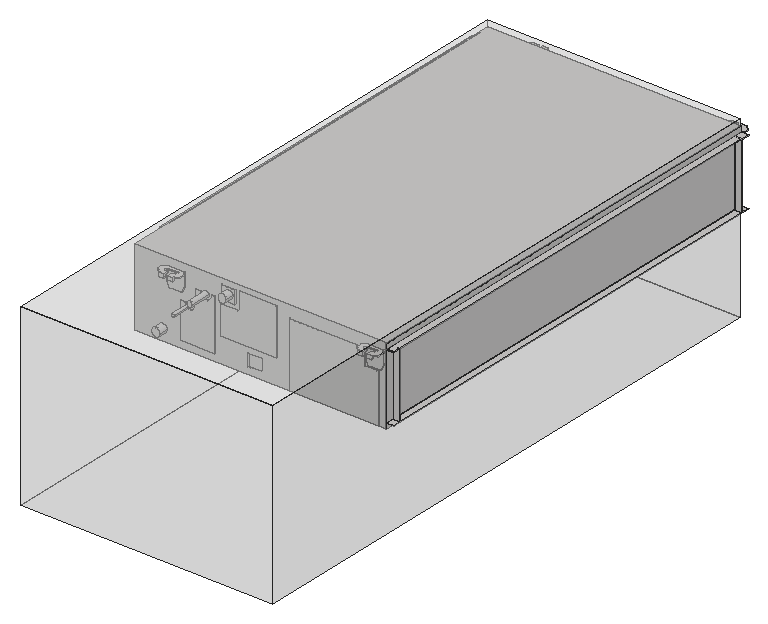
Revit family "outputfile", category 機械設備, Revit 2024
Family settings
  丸型コネクタ寸法 = 半径を使用
  パーツ タイプ = 標準
  OmniClass 番号 = 23.75.10.24.21.27.27
  OmniClass タイトル = Split System Air Conditioning Units
  作業面ベース = いいえ
  常に垂直 = はい
  ロード時にボイドで切り取り = いいえ
  注釈の向きを維持 = いいえ
  共有 = いいえ
  部屋計算ポイント = はい
Parameters (values of type "FXSA125AVM")
  製造元 = "Daikin"
  書き出し IFC クラス(タイプ) = "IfcUnitaryEquipmentType"
  定義済み IFC タイプ(タイプ) = "AIRCONDITIONINGUNIT"
  モデル = "FXSA125AVM"
  switch_frequency = yes
  r_Liquid Pipe Size = Liquid Pipe Size / 2  # 4.75 mm
  r_Gas Pipe Size = Gas Pipe Size / 2  # 7.95 mm
  r_Drain Pipe Size = Drain Pipe Size / 2  # 12.5 mm
  lw_power = 770.0 mm
  lh_SA = 138.0 mm
  lw_SA = if(Width = 550.0 mm, 225.0 mm, if(Width = 700.0 mm, 300.0 mm, if(Width = 1000.0 mm, 450.0 mm, if(Width = 1400.0 mm, 650.0 mm, 725.0 mm))))  # 650.0 mm
  lw_RA = if(Width = 550.0 mm, 275.0 mm, if(Width = 700.0 mm, 349.0 mm, if(Width = 1000.0 mm, 499.0 mm, if(Width = 1400.0 mm, 699.0 mm, 775.0 mm))))  # 699.0 mm
  lh_power = 60.0 mm + [h***]  # 60.0 mm
  lh_mountinghole1 = lh_mountinghole + [h***]  # 222.0 mm
  lh_RA = 123.0 mm
  ld_power = Width / 2  # 700.0 mm
  connector_voltage = Voltage_50Hz  # 220 V
  connector_powerinput = [Power Input (Cooling)]  # 0.206 kW
  connector_phase = Phase_50Hz  # 1
  Voltage_comment_60Hz = "220-230"
  Voltage_comment_50Hz = "220-240"
  Voltage_60Hz = 220 V
  Voltage_50Hz = 220 V
  Total Heating Capacity [instance] = 0.000 kW
  Supply Air Direction [instance] = yes
  Sound Power Level_H speed (dB) = 70
  Power Input (Heating) = 0.201 kW
  Phase_60Hz = 1
  Phase_50Hz = 1
  Nominal Heating Capacity = 16.000 kW
  Minimum External Static Pressure = 50.00 Pa
  Minimum Circuit Amps_60Hz = 2.8 A
  Minimum Circuit Amps_50Hz = 2.8 A
  Maximum Fuse Amps_60Hz = 16.0 A
  Maximum Fuse Amps_50Hz = 16.0 A
  Maximum External Static Pressure = 150.00 Pa
  Material_Casing = DAIKIN_GalvanizedSteel_Casing_indoorunit
  lw_mountinghole = 630.0 mm
  lh_gaspipe = 183.0 mm + [h***]  # 183.0 mm
  lh_mountinghole = 222.0 mm
  lh_liquidpipe = 136.0 mm + [h***]  # 136.0 mm
  lh_drainpipe = 207.0 mm + [h***]  # 207.0 mm
  lh_antena = Height - lh_mountinghole + 1.0 mm  # 24.0 mm
  ld_drainpipe = Width / 2 + 26.0 mm  # 726.0 mm
  ld_liquidpipe = 769.0 mm
  ld_gaspipe = Width / 2 + 65.0 mm  # 765.0 mm
  ld_mountinghole = Width + 38.0 mm  # 1438.0 mm
  h*** = 0.0 mm
  lw_liquidpipe = 179.0 mm
  lw_gaspipe = 229.0 mm
  lw_drainpipe = 300.0 mm
  Width = 1400.0 mm
  Version = "ver.1.0"
  Unit Type = "Duct_M.S.P."
  Unit Mass Weight = 47.00 kg
  Unit Designation [instance] = ""
  Uniclass2015Version = "Products v1.30"
  Uniclass2015Title = "Variable refrigerant flow units"
  Uniclass2015Code = "Pr_70_65_03_94"
  Total Cooling Capacity [instance] = 0.000 kW
  Sound Pressure Level_M speed (dBA) = 38.5
  Sound Pressure Level_L speed (dBA) = 35
  Sound Pressure Level_H speed (dBA) = 42
  Series = "VRV Fan Coil Unit"
  Sensible Cooling Capacity [instance] = 0.000 kW
  SA Duct Size Width = 1192.0 mm
  SA Duct Size Height = 176.0 mm
  Refrigerant Type = "R32"
  RA Duct Size Width = 1352.0 mm
  RA Duct Size Height = 208.0 mm
  Power Input (Cooling) = 0.206 kW
  Option Accessory 3 [instance] = ""
  Option Accessory 2 [instance] = ""
  Option Accessory 1 [instance] = ""
  Nominal Cooling Capacity = 14.000 kW
  Minimum Airflow = 1560.00 m³/h
  Median Airflow = 1890.00 m³/h
  Maximum Airflow = 2220.00 m³/h
  Load Classification = HVAC
  Liquid Pipe Size = 9.5 mm
  Link_Nested Family [instance] = ""
  IfcVersion = ""
  IfcExportType = "AIRCONDITIONINGUNIT"
  IfcExportAs = "IfcUnitaryEquipmentType"
  Height = 245.0 mm
  Heating Entering Wet Bulb Temperature [instance] = -273.15 °C
  Heating Entering Dry Bulb Temperature [instance] = -273.15 °C
  Heating Ambient Wet Bulb Temperature [instance] = -273.15 °C
  Heating Ambient Dry Bulb Temperature [instance] = -273.15 °C
  Heat Exchanger Type = "Cross Fin Coil"
  Gas Pipe Size = 15.9 mm
  Frequency_60Hz = 60 Hz
  Frequency_50Hz = 50 Hz
  Fan Type = "Sirocco Fan"
  Fan Drive = "Direct Drive"
  FCU Tag No. [instance] = ""
  Drain Pipe Size = 25.0 mm
  Design Supply Airflow [instance] = 0.00 m³/h
  Design Return Airflow [instance] = 0.00 m³/h
  Design External Static Pressure [instance] = 0.00 Pa
  Depth = 800.0 mm
  既定の高さ = 0.0 mm
  Cooling Entering Wet Bulb Temperature [instance] = 0.00 °C
  Cooling Entering Dry Bulb Temperature [instance] = 0.00 °C
  Cooling Ambient Wet Bulb Temperature [instance] = 0.00 °C
  Cooling Ambient Dry Bulb Temperature [instance] = 0.00 °C
  Clearance visibility [instance] = yes
  Clearance Top = 20.0 mm
  Clearance Right = 0.0 mm
  Clearance Rear = 0.0 mm
  Clearance Left = 0.0 mm
  Clearance Front = 450.0 mm
  Clearance Bottom = 300.0 mm
Reference planes
  plane 1 "Center (Front/Back)": y = 0
  plane 2 "h": z = 0
  plane 3 "Center (Left/Right)": x = 0
  plane 4 "Back": y = 700
  plane 5 "Front": y = -700
  plane 6 "Left": x = -400
  plane 7 "Right": x = 400
  plane 8 "Top": z = 0
  plane 9 "Bottom": z = -245
  plane 10: y = -215
  plane 11: y = 700
  plane 12: y = -1150
  plane 13: x = -400
  plane 14: x = 400
  plane 15: z = 20
  plane 16: z = -545
  plane 17: x = -400
  plane 18: x = -399
  plane 19: x = 399
  plane 20: y = 50
  plane 21: y = -1
  plane 22: z = -122
  plane 23: y = -701
  plane 24: z = -109
  plane 25: x = -221
  plane 26: y = -765
  plane 27: z = -62
  plane 28: x = -171
  plane 29: y = -726
  plane 30: z = -38
  plane 31: x = -100
  plane 32: x = -100
  plane 33: x = -221
  plane 34: x = -171
  plane 35: x = 370
  plane 36: x = -266
  plane 37: x = 364
  plane 38: y = -719
  plane 39: y = 719
  plane 40: z = -23
  plane 41: z = -107
  plane 42: y = -769
  plane 43: z = -207
  plane 44: x = -309
  plane 45: y = -376
  plane 46: x = -251
  plane 47: x = -203
  plane 48: x = -144
  plane 49: z = -59
  plane 50: z = -106
  plane 51: z = -221
  plane 52: z = -109
  plane 53: x = -221
  plane 54: z = -62
  plane 55: x = -171
  plane 56: z = -17
  plane 57: z = -59
  plane 58: x = -121
  plane 59: x = -79
  plane 60: x = -125
  plane 61: x = -64
  plane 62: x = 53
  plane 63: z = -164
  plane 64: z = -73
  plane 65: z = -16
  plane 66: x = 93.5
  plane 67: x = 374.5
  plane 68: x = 330
  plane 69: z = -88.5
  plane 70: z = -38
  plane 71: z = -242.5
  plane 72: x = -38.5
  plane 73: x = 6.5
  plane 74: z = -181
  plane 75: z = -221
  plane 76: y = -699
  plane 77: x = -424
  plane 78: x = 424
Forms (mm)
  Extrusion 1, solid, material "DAIKIN_GalvanizedSteel_Casing_indoorunit" <- "Material_Casing"
    sketch origin (0, 0, 0) x (1, 0, 0) y (0, 1, 0)
      loop
        line (-399, 700) -> (-399, -700) -> (399, -700) -> (399, 700) -> (-399, 700)
    from -245 to 0
  Extrusion 2, solid, material "DAIKIN_GalvanizedSteel_Casing_indoorunit" <- "Material_Casing"
    sketch origin (0, 0, 0) x (1, 0, 0) y (0, 0, 1)
      loop
        line (-251, -221) -> (-144, -221) -> (-144, -59) -> (-154.47, -59)
        arc (-154.47, -59) -> (-171, -78.8) -> (-187.53, -59) r 16.8
        line (-187.53, -59) -> (-203, -59) -> (-203, -106) -> (-206.916, -106)
        arc (-206.916, -106) -> (-221, -123.4) -> (-235.084, -106) r 14.4
        line (-235.084, -106) -> (-251, -106) -> (-251, -221)
    from 700 to 701
  Extrusion 3, solid, material "DAIKIN_GalvanizedSteel_Casing_indoorunit" <- "Material_Casing"
    sketch origin (0, 0, 0) x (1, 0, 0) y (0, 0, 1)
      loop
        line (-121, -17) -> (-121, -59) -> (-79, -59) -> (-79, -17) -> (-121, -17)
      loop
        line (-125, -73) -> (-125, -164) -> (53, -164) -> (53, -16) -> (-64, -16) -> (-64, -73) -> (-125, -73)
    from 700 to 701
  Extrusion 4, solid, material "DAIKIN_GalvanizedSteel_Casing_indoorunit" <- "Material_Casing"
    sketch origin (0, 0, 0) x (1, 0, 0) y (0, 0, 1)
      loop
        line (93.5, -38) -> (93.5, -242.5) -> (374.5, -242.5) -> (374.5, -88.5) -> (330, -88.5) -> (330, -38) -> (93.5, -38)
    from 700 to 701
  Extrusion 5, solid, material "DAIKIN_GalvanizedSteel_Casing_indoorunit" <- "Material_Casing"
    sketch origin (0, 0, 0) x (1, 0, 0) y (0, 0, 1)
      loop
        circle (-221, -109) r 4.75
    from 700 to 769
  Extrusion 6, solid, material "DAIKIN_GalvanizedSteel_Casing_indoorunit" <- "Material_Casing"
    sketch origin (0, 0, 0) x (1, 0, 0) y (0, 0, 1)
      loop
        circle (-171, -62) r 7.95
    from 700 to 765
  Extrusion 7, solid, material "DAIKIN_GalvanizedSteel_Casing_indoorunit" <- "Material_Casing"
    sketch origin (0, 0, 0) x (1, 0, 0) y (0, 0, 1)
      loop
        circle (-100, -38) r 12.5
    from 701 to 726
  Extrusion 8, solid, material "DAIKIN_GalvanizedSteel_Casing_indoorunit" <- "Material_Casing"
    sketch origin (0, 0, 0) x (1, 0, 0) y (0, 0, 1)
      loop
        circle (-309, -207) r 13
    from 700 to 726
  Extrusion 9, void
    sketch origin (0, 0, 0) x (1, 0, 0) y (0, 0, 1)
      loop
        line (-38.5, -181) -> (-38.5, -221) -> (6.5, -221) -> (6.5, -181) -> (-38.5, -181)
    from 699 to 700
Cuts and joins
  Extrusion 9 cuts Extrusion 1
Dimensions and locks
  "Height": plane 8 "Top" to plane 9 "Bottom"
  equal spacing: plane 4 "Back", plane 1 "Center (Front/Back)", plane 5 "Front"
  "Width": plane 4 "Back" to plane 5 "Front"
  equal spacing: plane 6 "Left", plane 3 "Center (Left/Right)", plane 7 "Right"
  "Depth": plane 6 "Left" to plane 7 "Right"
  "Clearance Left": plane 13 to plane 6 "Left"
  "Clearance Right": plane 7 "Right" to plane 14
  "Clearance Rear": plane 11 to plane 4 "Back"
  "Clearance Front": plane 5 "Front" to plane 12
  "Clearance Top": plane 15 to plane 8 "Top"
  "Clearance Bottom": plane 9 "Bottom" to plane 16
  locked: plane 17 to plane 18 at 1
  locked: plane 19 to plane 14 at 1
  "lw_SA": plane 11 to plane 20
  "lw_RA": plane 21 to plane 5 "Front"
  "lh_RA": plane 22 to plane 9 "Bottom"
  locked: plane 5 "Front" to plane 23 at 1
  "lw_liquidpipe": plane 25 to plane 6 "Left"
  "lh_liquidpipe": plane 24 to plane 9 "Bottom"
  "lh_gaspipe": plane 27 to plane 9 "Bottom"
  "lw_gaspipe": plane 28 to plane 6 "Left"
  "ld_gaspipe": plane 26 to plane 1 "Center (Front/Back)"
  "ld_drainpipe": plane 29 to plane 1 "Center (Front/Back)"
  "lh_drainpipe": plane 30 to plane 9 "Bottom"
  "lw_drainpipe": plane 31 to plane 6 "Left"
  "lw_drainpipe": plane 6 "Left" to plane 32
  "lw_liquidpipe": plane 6 "Left" to plane 33
  "lw_gaspipe": plane 6 "Left" to plane 34
  "lw_power": plane 6 "Left" to plane 35
  locked: plane 17 to plane 36 at 134
  "lw_mountinghole": plane 36 to plane 37
  equal spacing: plane 38, plane 1 "Center (Front/Back)", plane 39
  "ld_mountinghole": plane 39 to plane 38
  "lh_mountinghole": plane 40 to plane 9 "Bottom"
  "lh_SA": plane 41 to plane 9 "Bottom"
  locked: plane 44 to plane 6 "Left" at 91
  locked: plane 43 to plane 9 "Bottom" at 38
  plane 48 to plane 47 to plane 46 to plane 6 "Left" = 59.0 mm, 48.0 mm, 149.0 mm
  plane 8 "Top" to plane 49 to plane 50 to plane 51 = 59.0 mm locked, 47.0 mm locked, 115.0 mm locked
  plane 55 to plane 53 to plane 6 "Left" = 50.0 mm locked, 179.0 mm locked
  plane 54 to plane 52 to plane 9 "Bottom" = 47.0 mm locked, 136.0 mm locked
  plane 59 to plane 58 to plane 6 "Left" = 42.0 mm locked, 279.0 mm locked
  plane 8 "Top" to plane 56 to plane 57 = 17.0 mm locked, 42.0 mm locked
  plane 62 to plane 61 to plane 60 to plane 6 "Left" = 117.0 mm, 61.0 mm, 275.0 mm
  plane 8 "Top" to plane 65 to plane 64 = 16.0 mm locked, 57.0 mm locked
  locked: plane 65 to plane 63 at 148
  plane 8 "Top" to plane 70 to plane 69 to plane 71 = 38.0 mm locked, 50.5 mm locked, 154.0 mm locked
  plane 67 to plane 68 to plane 66 to plane 6 "Left" = 44.5 mm locked, 236.5 mm locked, 493.5 mm locked
  plane 8 "Top" to plane 74 to plane 75 = 181.0 mm locked, 40.0 mm locked
  plane 73 to plane 72 to plane 6 "Left" = 45.0 mm, 361.5 mm
  locked: plane 76 to plane 5 "Front" at 1
  locked: plane 77 to plane 17 at 24
  locked: plane 14 to plane 78 at 24
  "ld_liquidpipe": plane 42 to plane 1 "Center (Front/Back)"
  "r_Liquid Pipe Size": radius of Extrusion 5 sketch curve
  "r_Gas Pipe Size": radius of Extrusion 6 sketch curve
  "r_Drain Pipe Size": radius of Extrusion 7 sketch curve
  aligned and locked: level to plane 2 "h"
  aligned and locked: plane 8 "Top" to Extrusion 1
  aligned and locked: Extrusion 1 to plane 9 "Bottom"
  aligned and locked: nested 5 to plane 12
  aligned and locked: plane 13 to nested 5
  aligned and locked: plane 14 to nested 5
  aligned and locked: nested 5 to plane 13
  aligned and locked: plane 11 to nested 5
  aligned and locked: plane 15 to nested 5
  aligned and locked: plane 16 to nested 5
  aligned and locked: plane 5 "Front" to Extrusion 1 sketch curve
  aligned and locked: Extrusion 1 to plane 18
  aligned and locked: plane 19 to Extrusion 1
  aligned and locked: nested 7 to plane 18
  aligned and locked: nested 7 to plane 20
  aligned and locked: plane 19 to nested 8
  aligned and locked: plane 21 to nested 8
  aligned and locked: plane 22 to nested 8
  aligned and locked: Extrusion 2 to plane 23
  aligned and locked: plane 5 "Front" to Extrusion 2
  aligned and locked: Extrusion 3 to plane 23
  aligned and locked: plane 5 "Front" to Extrusion 3
  aligned and locked: plane 5 "Front" to Extrusion 4
  aligned and locked: Extrusion 5 sketch curve to plane 25
  aligned and locked: plane 24 to Extrusion 5 sketch curve
  aligned and locked: plane 5 "Front" to Extrusion 5
  aligned and locked: Extrusion 6 sketch curve to plane 28
  aligned and locked: plane 27 to Extrusion 6 sketch curve
  aligned and locked: plane 5 "Front" to Extrusion 6
  aligned and locked: Extrusion 7 sketch curve to plane 31
  aligned and locked: Extrusion 7 sketch curve to plane 30
  aligned and locked: Extrusion 7 to plane 29
  aligned and locked: plane 23 to Extrusion 7
  aligned and locked: nested 3 to plane 29
  aligned and locked: nested 3 to plane 32
  aligned and locked: nested 2 to plane 33
  aligned and locked: nested 1 to plane 34
  aligned and locked: Extrusion 6 to plane 26
  aligned and locked: nested 1 to plane 26
  aligned and locked: nested 6 to plane 5 "Front"
  aligned and locked: nested 6 to plane 35
  aligned and locked: plane 36 to nested 10
  aligned and locked: nested 10 to plane 5 "Front"
  aligned and locked: plane 37 to nested 9
  aligned and locked: nested 9 to plane 5 "Front"
  aligned and locked: nested 11 to plane 36
  aligned and locked: plane 4 "Back" to nested 11
  aligned and locked: nested 12 to plane 37
  aligned and locked: plane 4 "Back" to nested 12
  aligned and locked: plane 40 to nested 10
  aligned and locked: plane 40 to nested 11
  aligned and locked: plane 40 to nested 9
  aligned and locked: plane 40 to nested 12
  aligned and locked: plane 36 to nested 14
  aligned and locked: nested 14 to plane 39
  aligned and locked: plane 37 to nested 13
  aligned and locked: nested 13 to plane 39
  aligned and locked: plane 37 to nested 16
  aligned and locked: plane 38 to nested 16
  aligned and locked: plane 38 to nested 15
  aligned and locked: plane 36 to nested 15
  aligned and locked: plane 17 to plane 6 "Left"
  aligned and locked: plane 41 to nested 7
  aligned and locked: Extrusion 5 to plane 42
  aligned and locked: nested 2 to plane 42
  aligned and locked: Extrusion 8 sketch curve to plane 44
  aligned and locked: plane 43 to Extrusion 8 sketch curve
  aligned and locked: plane 5 "Front" to Extrusion 8
  aligned and locked: Extrusion 3 sketch curve to plane 56
  aligned and locked: Extrusion 3 sketch curve to plane 58
  aligned and locked: plane 57 to Extrusion 3 sketch curve
  aligned and locked: plane 59 to Extrusion 3 sketch curve
  aligned and locked: Extrusion 4 to plane 23
  aligned and locked: Extrusion 9 sketch curve to plane 74
  aligned and locked: plane 75 to Extrusion 9 sketch curve
  aligned and locked: plane 73 to Extrusion 9 sketch curve
  aligned and locked: plane 5 "Front" to Extrusion 9
  aligned and locked: plane 76 to Extrusion 9
  aligned and locked: nested 17 to plane 20
  aligned and locked: nested 17 to plane 77
  aligned and locked: plane 21 to nested 18
  aligned and locked: plane 78 to nested 18
  aligned and locked: plane 41 to nested 17
  aligned and locked: nested 18 to plane 22
  aligned and locked: nested 4 to plane 3 "Center (Left/Right)"
  aligned and locked: plane 1 "Center (Front/Back)" to nested 4
  aligned and locked: level to plane 8 "Top"
  aligned and locked: Extrusion 8 to plane 29
Automatic sketch dimensions
  plane 6 "Left" to Extrusion 1 sketch curve = 1.0 mm
  Extrusion 1 sketch curve to plane 7 "Right" = 1.0 mm
  Extrusion 1 sketch curve to plane 4 "Back" = 0.0 mm
  Extrusion 2 sketch curve to plane 46 = 0.0 mm
  Extrusion 2 sketch curve to plane 33 = 0.0 mm
  Extrusion 2 sketch curve to plane 47 = 0.0 mm
  Extrusion 2 sketch curve to plane 34 = 0.0 mm
  Extrusion 2 sketch curve to plane 48 = 0.0 mm
  Extrusion 2 sketch curve to plane 51 = 0.0 mm
  Extrusion 2 sketch curve to plane 52 = 0.0 mm
  Extrusion 2 sketch curve to plane 50 = 0.0 mm  (x3)
  Extrusion 2 sketch curve to plane 54 = 0.0 mm
  Extrusion 2 sketch curve to plane 49 = 0.0 mm  (x3)
  plane 33 to Extrusion 2 sketch curve = 14.084 mm
  plane 34 to Extrusion 2 sketch curve = 16.53 mm
  Extrusion 3 sketch curve to plane 60 = 0.0 mm
  Extrusion 3 sketch curve to plane 61 = 0.0 mm
  Extrusion 3 sketch curve to plane 62 = 0.0 mm
  Extrusion 3 sketch curve to plane 63 = 0.0 mm
  Extrusion 3 sketch curve to plane 64 = 0.0 mm
  Extrusion 3 sketch curve to plane 65 = 0.0 mm
  Extrusion 4 sketch curve to plane 66 = 0.0 mm
  Extrusion 4 sketch curve to plane 68 = 0.0 mm
  Extrusion 4 sketch curve to plane 67 = 0.0 mm
  Extrusion 4 sketch curve to plane 71 = 0.0 mm
  Extrusion 4 sketch curve to plane 69 = 0.0 mm
  Extrusion 4 sketch curve to plane 70 = 0.0 mm
  Extrusion 9 sketch curve to plane 72 = 0.0 mm
  radius of Extrusion 8 sketch curve = 13.0 mm
Nested families
  nested 1: "daikin_connector_rotate2" at (-171, 0, -62), length <- "ld_gaspipe", built-in parameter 1001364 <- "lh_gaspipe", radius <- "r_Gas Pipe Size", type "daikin_connector_rotate2"
    with radius 7.95 mm, length 765.0 mm, angle_vertical 90.00°
  nested 2: "daikin_connector_rotate2" at (-221, 0, -109), length <- "ld_liquidpipe", built-in parameter 1001364 <- "lh_liquidpipe", radius <- "r_Liquid Pipe Size", type "daikin_connector_rotate2"
    with radius 4.75 mm, length 769.0 mm, angle_vertical 90.00°
  nested 3: "daikin_connector_rotate2" at (-100, 0, -38), length <- "ld_drainpipe", built-in parameter 1001364 <- "lh_drainpipe", radius <- "r_Drain Pipe Size", type "daikin_connector_rotate2"
    with radius 12.5 mm, length 726.0 mm, angle_vertical 90.00°
  nested 4: "daikin_△_symbolicline" at (0, 0, 245) x (0, -1, 0) z (0, 0, 1), built-in parameter 1001364 <- "Height", visible <- "Supply Air Direction", type "daikin_△_symbolicline"
    with length 200.0 mm
  nested 5: "daikin_clearancespace" at (0, -225, -262.381), visible <- "Clearance visibility", show <- "Clearance visibility", Link_Nested Family <- "Link_Nested Family", type "daikin_clearancespace"
    with width 800.0 mm, show yes, height 565.0 mm, depth 1850.0 mm, Link_Nested Family ""
  nested 6: "daikin_connector_rotate2" at (370, 0, -185), built-in parameter 1001364 <- "lh_power", length <- "ld_power", type "daikin_connector_rotate2"
    with radius 10.0 mm, length 700.0 mm, angle_vertical 90.00°
  nested 7: "daikin_ductflange_FXSA-AVM2" at (-399, 50, -107) x (0, -1, 0) z (0, 0, 1), type "daikin_ductflange_FXSA-AVM2"
    with width 1192.0 mm, w 1400.0 mm
  nested 8: "daikin_ductflange_FXSA-AVM" at (399, -1, -122) x (0, 1, 0) z (0, 0, 1), type "daikin_ductflange_FXSA-AVM"
    with width 1352.0 mm, lw 25.0 mm, w 1400.0 mm
  nested 9: "FXFSA-AVM" at (364, -700, -23), type "daikin_hangerfixture_FXFSA-AVM"
  nested 10: "FXFSA-AVM" at (-266, -700, -23), type "daikin_hangerfixture_FXFSA-AVM"
  nested 11: "FXFSA-AVM" at (-266, 700, -23) x (-1, 0, 0) z (0, 0, 1), type "daikin_hangerfixture_FXFSA-AVM"
  nested 12: "FXFSA-AVM" at (364, 700, -23) x (-1, 0, 0) z (0, 0, 1), type "daikin_hangerfixture_FXFSA-AVM"
  nested 13: "daikin_mountinghole" at (364, 719, -245), h_mountinghole <- "lh_mountinghole1", l_antenna <- "lh_antena", Link_Nested Family <- "Link_Nested Family", type "daikin_mountinghole"
    with show yes, l_antenna 24.0 mm, h_mountinghole 222.0 mm, Link_Nested Family ""
  nested 14: "daikin_mountinghole" at (-266, 719, -245), h_mountinghole <- "lh_mountinghole1", l_antenna <- "lh_antena", Link_Nested Family <- "Link_Nested Family", type "daikin_mountinghole"
    with show yes, l_antenna 24.0 mm, h_mountinghole 222.0 mm, Link_Nested Family ""
  nested 15: "daikin_mountinghole" at (-266, -719, -245), h_mountinghole <- "lh_mountinghole1", l_antenna <- "lh_antena", Link_Nested Family <- "Link_Nested Family", type "daikin_mountinghole"
    with show yes, l_antenna 24.0 mm, h_mountinghole 222.0 mm, Link_Nested Family ""
  nested 16: "daikin_mountinghole" at (364, -719, -245), h_mountinghole <- "lh_mountinghole1", l_antenna <- "lh_antena", Link_Nested Family <- "Link_Nested Family", type "daikin_mountinghole"
    with show yes, l_antenna 24.0 mm, h_mountinghole 222.0 mm, Link_Nested Family ""
  nested 17: "daikin_connector_rotate2" at (-400, 50, -107) x (0, -1, 0) z (0, 0, 1), type "daikin_connector_rotate2"
    with radius 10.0 mm, length 24.0 mm, angle_vertical 90.00°
  nested 18: "daikin_connector_rotate2" at (400, -1, -122) x (0, 1, 0) z (0, 0, 1), type "daikin_connector_rotate2"
    with radius 10.0 mm, length 24.0 mm, angle_vertical 90.00°
Connectors
  piping at (-100, -726, -38), diameter 25, driven by "r_Drain Pipe Size"
    settings: on nested 3, index 3, connector inside diameter 609.6 mm, connector length 0.0 mm, flow factor 0, pipe flow 0.00 m³/h, pressure drop 0.0 Pa, fitting loss kfactor 0, connector angle 0.00°, fixture units 0, engagement length 0.0 mm, angle of deflection 0.00°, flow configuration 1, flow direction 2, fitting loss method 4, system type 16, joint type 0, gender type 0, connector reference index -1, connector utility 0, adjustable connector no, is connector primary yes, connector description "Condensate Drain Piping"
  piping at (-171, -765, -62), diameter 15.9, driven by "r_Gas Pipe Size"
    settings: on nested 1, index 4, connector inside diameter 609.6 mm, connector length 0.0 mm, flow factor 0, pipe flow 0.00 m³/h, pressure drop 0.0 Pa, fitting loss kfactor 0, connector angle 0.00°, fixture units 0, engagement length 0.0 mm, angle of deflection 0.00°, flow configuration 1, flow direction 2, fitting loss method 0, system type 29, joint type 0, gender type 0, connector reference index -1, connector utility 0, adjustable connector no, is connector primary no, connector description "Refrigerant Gas Piping"
  piping at (-221, -769, -109), diameter 9.5, driven by "r_Liquid Pipe Size"
    settings: on nested 2, index 5, connector inside diameter 609.6 mm, connector length 0.0 mm, flow factor 0, pipe flow 0.00 m³/h, pressure drop 0.0 Pa, fitting loss kfactor 0, connector angle 0.00°, fixture units 0, engagement length 0.0 mm, angle of deflection 0.00°, flow configuration 1, flow direction 1, fitting loss method 0, system type 29, joint type 0, gender type 0, connector reference index -1, connector utility 0, adjustable connector no, is connector primary no, connector description "Refrigerant Liquid Piping"
  electrical at (370, -700, -185), driven by "Load Classification", driven by "connector_voltage", driven by "connector_phase", driven by "connector_powerinput"
    settings: on nested 6, index 6, voltage 220 V, apparent load 206 VA, apparent load phase1 0 VA, apparent load phase2 0 VA, apparent load phase3 0 VA, power factor 1, load classification "HVAC", number of poles 1, system type 30, power factor state 1, is connector primary yes, connector utility no, sub classification motor no, connector description "Power Supply"
  hvac at (-424, 50, -107), driven by "SA Duct Size Height", driven by "SA Duct Size Width"
    settings: on nested 17, index 7, duct flow 0.00 m³/h, flow factor 0, pres drop 0.00 Pa, loss coef 0, conn angle 0.00°, conn width 1192.0 mm, conn height 176.0 mm, conn diameter 609.6 mm, duct sys type 1, conn prof type 1, flow config 0, flow direction 2, loss method 4, conn ref index -1, conn util no, is conn primary yes, conn desc "SA Duct"
  hvac at (424, -1, -122), driven by "RA Duct Size Height", driven by "RA Duct Size Width"
    settings: on nested 18, index 8, duct flow 0.00 m³/h, flow factor 0, pres drop 0.00 Pa, loss coef 0, conn angle 0.00°, conn width 1352.0 mm, conn height 208.0 mm, conn diameter 609.6 mm, duct sys type 2, conn prof type 1, flow config 0, flow direction 1, loss method 4, conn ref index -1, conn util no, is conn primary no, conn desc "RA Duct"
Definition of nested family "daikin_clearancespace"
  Parameters (values of type "daikin_clearancespace")
    Description = "daikin_clearancespace"
    width [instance] = 1823.963 mm
    show [instance] = yes
    material = none
    height [instance] = 1359.762 mm
    depth [instance] = 880.0 mm
    Default Elevation = 0.0 mm
    Link_Nested Family [instance] = ""
  Reference planes
    plane 1 "Center (Front/Back)": y = 0
    plane 2 "Center (Elevation)": z = -0.119
    plane 3 "Center (Left/Right)": x = 0
    plane 4: y = 440
    plane 5: y = -440
    plane 6 "Right": x = 911.982
    plane 7 "Left": x = -911.982
    plane 8 "Top": z = 679.762
    plane 9 "Bottom": z = -680
  Forms (mm)
    Extrusion 1, solid, material <- "material", visible <- "show"
      sketch origin (0, 0, 0) x (1, 0, 0) y (0, 1, 0)
        loop
          line (-911.982, 440) -> (-911.982, -440) -> (911.982, -440) -> (911.982, 440) -> (-911.982, 440)
      from -680 to 679.762
  Lines and regions (mm)
    symbolic lines, visible <- "show"
      curve 1: line (911.982, 440, 0) -> (-911.982, 440, 0)
      curve 2: line (-911.982, 440, 0) -> (-911.982, -440, 0)
      curve 3: line (-911.982, -440, 0) -> (911.982, -440, 0)
      curve 4: line (911.982, -440, 0) -> (911.982, 440, 0)
      curve 5: line (911.982, 0, 679.762) -> (-911.982, 0, 679.762)
      curve 6: line (911.982, 0, -680) -> (911.982, 0, 679.762)
      curve 7: line (-911.982, 0, -680) -> (911.982, 0, -680)
      curve 8: line (-911.982, 0, 679.762) -> (-911.982, 0, -680)
      curve 9: line (0, 440, 679.762) -> (0, -440, 679.762)
      curve 10: line (0, -440, 679.762) -> (0, -440, -680)
      curve 11: line (0, 440, -680) -> (0, 440, 679.762)
      curve 12: line (0, -440, -680) -> (0, 440, -680)
  Dimensions and locks
    "width": plane 7 "Left" to plane 6 "Right"
    "depth": plane 4 to plane 5
    "height": plane 8 "Top" to plane 9 "Bottom"
    equal spacing: plane 7 "Left", plane 3 "Center (Left/Right)", plane 6 "Right"
    equal spacing: plane 4, plane 1 "Center (Front/Back)", plane 5
    equal spacing: plane 8 "Top", plane 2 "Center (Elevation)", plane 9 "Bottom"
    aligned and locked: level to plane 2 "Center (Elevation)"
    aligned and locked: Extrusion 1 sketch curve to plane 4
    aligned and locked: plane 7 "Left" to Extrusion 1 sketch curve
    aligned and locked: Extrusion 1 sketch curve to plane 5
    aligned and locked: Extrusion 1 sketch curve to plane 6 "Right"
    aligned and locked: plane 8 "Top" to Extrusion 1
    aligned and locked: curve 1 to Extrusion 1
    aligned and locked: curve 2 to Extrusion 1
    aligned and locked: curve 3 to Extrusion 1
    aligned and locked: curve 4 to Extrusion 1
    aligned and locked: curve 5 to Extrusion 1
    aligned and locked: curve 6 to Extrusion 1
    aligned and locked: curve 7 to Extrusion 1
    aligned and locked: curve 8 to Extrusion 1
    aligned and locked: curve 9 to Extrusion 1
    aligned and locked: curve 10 to Extrusion 1
    aligned and locked: curve 11 to Extrusion 1
    aligned and locked: curve 12 to Extrusion 1
    aligned and locked: Extrusion 1 to plane 9 "Bottom"
Definition of nested family "daikin_ductflange_FXSA-AVM2"
  Parameters (values of type "daikin_ductflange_FBA-BVMA2")
    width = if(w = 550.0 mm, 337.0 mm, if(w = 700.0 mm, 492.0 mm, if(w = 1000.0 mm, 792.0 mm, if(w = 1400.0 mm, 1192.0 mm, 1337.0 mm))))  # 492.0 mm
    w1 = if(w = 550.0 mm, 24.0 mm, if(w = 700.0 mm, 21.5 mm, if(w = 1000.0 mm, 21.5 mm, if(w = 1400.0 mm, 21.5 mm, 24.0 mm))))  # 21.5 mm
    material = none
    height = 215.0 mm
    depth = 1.0 mm
    w = 700.0 mm
    Default Elevation = 0.0 mm
  Reference planes
    plane 1 "Center (Front/Back)": y = 0
    plane 2: z = 0
    plane 3 "Center (Left/Right)": x = 0
    plane 4: z = 88
    plane 5: z = -88
    plane 6: y = -25
    plane 7: z = 106
    plane 8: z = 89
    plane 9: y = -1
    plane 10: x = -267.5
    plane 11: x = 267.5
    plane 12: z = -106
    plane 13: z = -89
    plane 14: y = -1
    plane 15: x = 246
    plane 16: x = -246
    plane 17: x = 247
    plane 18: z = 87
    plane 19: z = -87
    plane 20: x = -247
    plane 21: z = 87
    plane 22: z = -87
    plane 23: y = -1
  Forms (mm)
    Extrusion 1, solid, material <- "material"
      sketch origin (0, 0, 0) x (0, 1, 0) y (0, 0, 1)
        loop
          line (-25, 88) -> (0, 88) -> (0, 106) -> (-1, 106) -> (-1, 89) -> (-25, 89) -> (-25, 88)
      from -267.5 to 267.5
    Extrusion 2, solid, material <- "material"
      sketch origin (0, 0, 0) x (0, 1, 0) y (0, 0, 1)
        loop
          line (-25, -88) -> (-25, -89) -> (-1, -89) -> (-1, -106) -> (0, -106) -> (0, -88) -> (-25, -88)
      from -267.5 to 267.5
    Extrusion 3, solid, material <- "material"
      sketch origin (0, 0, 0) x (1, 0, 0) y (0, 0, 1)
        loop
          line (246, 88) -> (246, -88) -> (267.5, -88) -> (267.5, -87) -> (247, -87) -> (247, 87) -> (267.5, 87) -> (267.5, 88) -> (246, 88)
      from 0 to 25
    Extrusion 4, solid, material <- "material"
      sketch origin (0, 0, 0) x (1, 0, 0) y (0, 0, 1)
        loop
          line (-267.5, 88) -> (-267.5, 87) -> (-247, 87) -> (-247, -87) -> (-267.5, -87) -> (-267.5, -88) -> (-246, -88) -> (-246, 88) -> (-267.5, 88)
      from 0 to 25
    Extrusion 5, solid, material <- "material"
      sketch origin (0, 0, 0) x (1, 0, 0) y (0, 0, 1)
        loop
          line (-267.5, 88) -> (-267.5, -88) -> (-246, -88) -> (-246, 88) -> (-267.5, 88)
        loop
          line (267.5, 88) -> (246, 88) -> (246, -88) -> (267.5, -88) -> (267.5, 88)
      from 0 to 1
  Cuts and joins
    joined: Extrusion 1, Extrusion 2, Extrusion 3, Extrusion 4, Extrusion 5
  Dimensions and locks
    plane 4 to level to plane 5 = 88.0 mm, 88.0 mm
    locked: plane 6 to plane 1 "Center (Front/Back)" at 25
    locked: plane 9 to plane 1 "Center (Front/Back)" at 1
    locked: plane 8 to plane 4 at 1
    "w1": plane 16 to plane 10
    locked: plane 17 to plane 15 at 1
    locked: plane 4 to plane 18 at 1
    locked: plane 19 to plane 5 at 1
    "width": plane 15 to plane 16
    plane 4 to plane 5 = 176.0 mm
    locked: plane 16 to plane 20 at 1
    locked: plane 4 to plane 21 at 1
    locked: plane 22 to plane 5 at 1
    locked: plane 23 to plane 1 "Center (Front/Back)" at 1
    plane 4 to level to plane 5 = 88.0 mm locked, 88.0 mm locked
    locked: plane 5 to plane 13 at 1
    locked: plane 5 to plane 12 at 18
    locked: plane 7 to plane 4 at 18
    equal spacing: plane 15, plane 3 "Center (Left/Right)", plane 16
    "w1": plane 11 to plane 15
    plane 11 to plane 10 = 535.0 mm
    aligned and locked: level to plane 2
    aligned and locked: Extrusion 1 to plane 10
    aligned and locked: plane 11 to Extrusion 1
    aligned and locked: plane 5 to Extrusion 2
    aligned and locked: Extrusion 2 to plane 1 "Center (Front/Back)"
    aligned and locked: plane 15 to Extrusion 3 sketch curve
    aligned and locked: Extrusion 3 sketch curve to Extrusion 2  (x2)
    aligned and locked: Extrusion 3 sketch curve to plane 11
    aligned and locked: plane 6 to Extrusion 3
    aligned and locked: Extrusion 2 to plane 10
    aligned and locked: plane 11 to Extrusion 2
    aligned and locked: Extrusion 4 sketch curve to Extrusion 1  (x2)
    aligned and locked: plane 5 to Extrusion 4 sketch curve
    aligned and locked: Extrusion 4 sketch curve to plane 16
    aligned and locked: Extrusion 4 sketch curve to plane 22
    aligned and locked: plane 20 to Extrusion 4 sketch curve
    aligned and locked: plane 21 to Extrusion 4 sketch curve
    aligned and locked: Extrusion 4 to plane 1 "Center (Front/Back)"
    aligned and locked: plane 6 to Extrusion 4
    aligned and locked: Extrusion 5 sketch curve to Extrusion 1  (x4)
    aligned and locked: Extrusion 5 sketch curve to Extrusion 4  (x2)
    aligned and locked: Extrusion 5 sketch curve to Extrusion 3  (x2)
    aligned and locked: Extrusion 5 to plane 1 "Center (Front/Back)"
    aligned and locked: plane 23 to Extrusion 5
  Automatic sketch dimensions
    Extrusion 1 sketch curve to plane 6 = 0.0 mm
    Extrusion 1 sketch curve to plane 7 = 0.0 mm
    Extrusion 1 sketch curve to plane 9 = 0.0 mm
    Extrusion 1 sketch curve to plane 1 "Center (Front/Back)" = 0.0 mm
    Extrusion 1 sketch curve to plane 4 = 0.0 mm
    Extrusion 1 sketch curve to plane 8 = 0.0 mm
    Extrusion 2 sketch curve to plane 6 = 0.0 mm
    plane 12 to Extrusion 2 sketch curve = 0.0 mm
    Extrusion 2 sketch curve to plane 14 = 0.0 mm
    Extrusion 2 sketch curve to plane 1 "Center (Front/Back)" = 0.0 mm
    plane 13 to Extrusion 2 sketch curve = 0.0 mm
    Extrusion 2 sketch curve to plane 5 = 0.0 mm
    Extrusion 3 sketch curve to plane 17 = 0.0 mm
    Extrusion 3 sketch curve to plane 19 = 0.0 mm
    Extrusion 3 sketch curve to plane 18 = 0.0 mm
    Extrusion 3 sketch curve to plane 4 = 0.0 mm
    Extrusion 4 sketch curve to plane 10 = 0.0 mm
Definition of nested family "daikin_ductflange_FXSA-AVM"
  Parameters (values of type "daikin_ductflange_FBFC-DVMG")
    width = if(w = 550.0 mm, 502.0 mm, if(w = 700.0 mm, 654.0 mm, if(w = 1000.0 mm, 952.0 mm, if(w = 1400.0 mm, 1352.0 mm, 1502.0 mm))))  # 654.0 mm
    material = none
    lw = if(width = 654.0 mm, 23.0 mm, 25.0 mm)  # 23.0 mm
    height = 208.0 mm
    depth = 1.0 mm
    w = 700.0 mm
    Default Elevation = 0.0 mm
  Reference planes
    plane 1 "Center (Front/Back)": y = 0
    plane 2: z = 0
    plane 3 "Center (Left/Right)": x = 0
    plane 4: z = 104
    plane 5: z = -104
    plane 6: y = -25
    plane 7: z = 121
    plane 8: z = 105
    plane 9: y = -1
    plane 10: x = -350
    plane 11: x = 350
    plane 12: z = -122
    plane 13: z = -105
    plane 14: y = -1
    plane 15: x = 327
    plane 16: x = -327
    plane 17: x = 328
    plane 18: z = 103
    plane 19: z = -103
    plane 20: x = -328
    plane 21: z = 103
    plane 22: z = -103
    plane 23: y = -1
  Forms (mm)
    Extrusion 1, solid, material <- "material"
      sketch origin (0, 0, 0) x (0, 1, 0) y (0, 0, 1)
        loop
          line (-25, 104) -> (0, 104) -> (0, 121) -> (-1, 121) -> (-1, 105) -> (-25, 105) -> (-25, 104)
      from -350 to 350
    Extrusion 2, solid, material <- "material"
      sketch origin (0, 0, 0) x (0, 1, 0) y (0, 0, 1)
        loop
          line (-25, -104) -> (-25, -105) -> (-1, -105) -> (-1, -122) -> (0, -122) -> (0, -104) -> (-25, -104)
      from -350 to 350
    Extrusion 3, solid, material <- "material"
      sketch origin (0, 0, 0) x (1, 0, 0) y (0, 0, 1)
        loop
          line (327, 104) -> (327, -104) -> (350, -104) -> (350, -103) -> (328, -103) -> (328, 103) -> (350, 103) -> (350, 104) -> (327, 104)
      from 0 to 25
    Extrusion 4, solid, material <- "material"
      sketch origin (0, 0, 0) x (1, 0, 0) y (0, 0, 1)
        loop
          line (-350, 104) -> (-350, 103) -> (-328, 103) -> (-328, -103) -> (-350, -103) -> (-350, -104) -> (-327, -104) -> (-327, 104) -> (-350, 104)
      from 0 to 25
    Extrusion 5, solid, material <- "material"
      sketch origin (0, 0, 0) x (1, 0, 0) y (0, 0, 1)
        loop
          line (-350, 104) -> (-350, -104) -> (-327, -104) -> (-327, 104) -> (-350, 104)
        loop
          line (350, 104) -> (327, 104) -> (327, -104) -> (350, -104) -> (350, 104)
      from 0 to 1
  Cuts and joins
    joined: Extrusion 1, Extrusion 2, Extrusion 3, Extrusion 4, Extrusion 5
  Dimensions and locks
    plane 4 to level to plane 5 = 104.0 mm, 104.0 mm
    locked: plane 6 to plane 1 "Center (Front/Back)" at 25
    locked: plane 9 to plane 1 "Center (Front/Back)" at 1
    locked: plane 8 to plane 4 at 1
    "lw": plane 11 to plane 15
    "lw": plane 16 to plane 10
    locked: plane 17 to plane 15 at 1
    locked: plane 4 to plane 18 at 1
    locked: plane 19 to plane 5 at 1
    "width": plane 15 to plane 16
    equal spacing: plane 15, plane 3 "Center (Left/Right)", plane 16
    locked: plane 16 to plane 20 at 1
    locked: plane 4 to plane 21 at 1
    locked: plane 22 to plane 5 at 1
    locked: plane 23 to plane 1 "Center (Front/Back)" at 1
    locked: plane 7 to plane 4 at 17
    locked: plane 1 "Center (Front/Back)" to plane 14 at 1
    locked: plane 5 to plane 13 at 1
    "height": plane 4 to plane 5
    plane 11 to plane 10 = 700.0 mm
    locked: plane 12 to plane 13 at 17
    equal spacing: plane 4, level, plane 5
    aligned and locked: level to plane 2
    aligned and locked: Extrusion 1 to plane 10
    aligned and locked: plane 11 to Extrusion 1
    aligned and locked: plane 5 to Extrusion 2
    aligned and locked: Extrusion 2 to plane 1 "Center (Front/Back)"
    aligned and locked: plane 15 to Extrusion 3 sketch curve
    aligned and locked: Extrusion 3 sketch curve to Extrusion 2  (x2)
    aligned and locked: Extrusion 3 sketch curve to plane 11
    aligned and locked: plane 6 to Extrusion 3
    aligned and locked: Extrusion 2 to plane 10
    aligned and locked: plane 11 to Extrusion 2
    aligned and locked: Extrusion 4 sketch curve to Extrusion 1  (x2)
    aligned and locked: plane 5 to Extrusion 4 sketch curve
    aligned and locked: Extrusion 4 sketch curve to plane 16
    aligned and locked: Extrusion 4 sketch curve to plane 22
    aligned and locked: plane 20 to Extrusion 4 sketch curve
    aligned and locked: plane 21 to Extrusion 4 sketch curve
    aligned and locked: Extrusion 4 to plane 1 "Center (Front/Back)"
    aligned and locked: plane 6 to Extrusion 4
    aligned and locked: Extrusion 5 sketch curve to Extrusion 1  (x4)
    aligned and locked: Extrusion 5 sketch curve to Extrusion 4  (x2)
    aligned and locked: Extrusion 5 sketch curve to Extrusion 3  (x2)
    aligned and locked: Extrusion 5 to plane 1 "Center (Front/Back)"
    aligned and locked: plane 23 to Extrusion 5
  Automatic sketch dimensions
    Extrusion 1 sketch curve to plane 6 = 0.0 mm
    Extrusion 1 sketch curve to plane 7 = 0.0 mm
    Extrusion 1 sketch curve to plane 9 = 0.0 mm
    Extrusion 1 sketch curve to plane 1 "Center (Front/Back)" = 0.0 mm
    Extrusion 1 sketch curve to plane 4 = 0.0 mm
    Extrusion 1 sketch curve to plane 8 = 0.0 mm
    Extrusion 2 sketch curve to plane 6 = 0.0 mm
    plane 12 to Extrusion 2 sketch curve = 0.0 mm
    Extrusion 2 sketch curve to plane 14 = 0.0 mm
    Extrusion 2 sketch curve to plane 1 "Center (Front/Back)" = 0.0 mm
    plane 13 to Extrusion 2 sketch curve = 0.0 mm
    Extrusion 2 sketch curve to plane 5 = 0.0 mm
    Extrusion 3 sketch curve to plane 17 = 0.0 mm
    Extrusion 3 sketch curve to plane 19 = 0.0 mm
    Extrusion 3 sketch curve to plane 18 = 0.0 mm
    Extrusion 3 sketch curve to plane 4 = 0.0 mm
    Extrusion 4 sketch curve to plane 10 = 0.0 mm
Definition of nested family "FXFSA-AVM"
  Parameters (values of type "daikin_hangerfixture_FXMQ-PAVE")
    width = 72.0 mm
    material = none
    height = 60.0 mm
    depth = 41.0 mm
    Default Elevation = 0.0 mm
  Reference planes
    plane 1 "Center (Front/Back)": y = 0
    plane 2: z = 0
    plane 3 "Center (Left/Right)": x = 0
    plane 4: y = 417.146
    plane 5: y = -41
    plane 6: x = -36
    plane 7: x = 36
    plane 8: z = -2.3
    plane 9: z = -60
    plane 10: y = -2.3
    plane 11: z = -12
    plane 12: y = -38.7
  Forms (mm)
    Extrusion 1, solid, material <- "material"
      sketch origin (0, 0, 0) x (1, 0, 0) y (0, 1, 0)
        loop
          line (-28, 0) -> (-28, -5)
          arc (-28, -5) -> (-29.127, -8.162) -> (-32, -9.899) r 5
          arc (-32, -9.899) -> (-34.873, -11.636) -> (-36, -14.798) r 5
          line (-36, -14.798) -> (-36, -27.178)
          arc (-36, -27.178) -> (-35.429, -29.499) -> (-33.846, -31.289) r 5
          line (-33.846, -31.289) -> (-23, -38.798) -> (-23, -41.098) -> (-6.5, -41.098) -> (-6.5, -28.498)
          arc (-6.5, -28.498) -> (-7.379, -26.377) -> (-9.5, -25.498) r 3
          line (-9.5, -25.498) -> (-13.5, -25.498)
          arc (-13.5, -25.498) -> (-20, -18.998) -> (-13.5, -12.498) r 6.5
          line (-13.5, -12.498) -> (13.5, -12.498)
          arc (13.5, -12.498) -> (20, -18.998) -> (13.5, -25.498) r 6.5
          line (13.5, -25.498) -> (9.5, -25.498)
          arc (9.5, -25.498) -> (7.379, -26.377) -> (6.5, -28.498) r 3
          line (6.5, -28.498) -> (6.5, -41.098) -> (23, -41.098) -> (23, -38.798) -> (33.846, -31.289)
          arc (33.846, -31.289) -> (35.429, -29.499) -> (36, -27.178) r 5
          line (36, -27.178) -> (36, -14.596)
          arc (36, -14.596) -> (34.873, -11.434) -> (32, -9.697) r 5
          arc (32, -9.697) -> (29.127, -7.96) -> (28, -4.798) r 5
          line (28, -4.798) -> (28, 0) -> (-28, 0)
      from 0 to -2.3
    Extrusion 2, solid, material <- "material"
      sketch origin (0, 0, 0) x (1, 0, 0) y (0, 0, 1)
        loop
          line (28, -39.037) -> (28, 0) -> (-28, 0) -> (-28, -39.037)
          arc (-28, -39.037) -> (-27.91, -39.983) -> (-27.642, -40.894) r 5
          line (-27.642, -40.894) -> (-21.257, -56.857)
          arc (-21.257, -56.857) -> (-19.418, -59.14) -> (-16.615, -60) r 5
          line (-16.615, -60) -> (16.615, -60)
          arc (16.615, -60) -> (19.418, -59.14) -> (21.257, -56.857) r 5
          line (21.257, -56.857) -> (27.642, -40.894)
          arc (27.642, -40.894) -> (27.91, -39.983) -> (28, -39.037) r 5
      from 0 to 2.3
    Extrusion 3, solid, material <- "material"
      sketch origin (0, 0, 0) x (1, 0, 0) y (0, 0, 1)
        loop
          line (-23, 0) -> (-23, -9)
          arc (-23, -9) -> (-22.121, -11.121) -> (-20, -12) r 3
          line (-20, -12) -> (-9.5, -12)
          arc (-9.5, -12) -> (-7.379, -11.121) -> (-6.5, -9) r 3
          line (-6.5, -9) -> (-6.5, 0) -> (-23, 0)
        loop
          line (23, 0) -> (6.5, 0) -> (6.5, -9)
          arc (6.5, -9) -> (7.379, -11.121) -> (9.5, -12) r 3
          line (9.5, -12) -> (20, -12)
          arc (20, -12) -> (22.121, -11.121) -> (23, -9) r 3
          line (23, -9) -> (23, 0)
      from 38.8 to 41.098
  Cuts and joins
    joined: Extrusion 1, Extrusion 2, Extrusion 3
  Dimensions and locks
    plane 2 to plane 8 = 2.3 mm
    "height": plane 2 to plane 9
    locked: plane 10 to plane 1 "Center (Front/Back)" at 2.3
    locked: plane 2 to plane 11 at 12
    locked: plane 12 to plane 5 at 2.3
    aligned and locked: level to plane 2
    aligned and locked: Extrusion 1 to plane 8
    aligned and locked: plane 2 to Extrusion 1
    aligned and locked: plane 2 to Extrusion 2 sketch curve
    aligned and locked: Extrusion 2 to plane 10
    aligned and locked: Extrusion 2 to plane 1 "Center (Front/Back)"
    aligned and locked: Extrusion 3 sketch curve to cut or joined group of Extrusion 1, Extrusion 2, Extrusion 3  (x3)
    aligned and locked: cut or joined group of Extrusion 1, Extrusion 2, Extrusion 3 to Extrusion 3
  Automatic sketch dimensions
    Extrusion 2 sketch curve to plane 7 = 8.0 mm
    Extrusion 2 sketch curve to plane 8 = 36.737 mm
    plane 6 to Extrusion 2 sketch curve = 19.385 mm
    Extrusion 1 sketch curve to plane 6 = 0.0 mm
    plane 1 "Center (Front/Back)" to Extrusion 1 sketch curve = 0.0 mm
    Extrusion 1 sketch curve to plane 7 = 0.0 mm
    plane 6 to Extrusion 1 sketch curve = 2.154 mm
    plane 6 to Extrusion 1 sketch curve = 3.0 mm
    Extrusion 1 sketch curve to Extrusion 1 sketch curve = 5.0 mm  (x3)
    Extrusion 1 sketch curve to plane 12 = 0.098 mm  (x2)
    Extrusion 1 sketch curve to Extrusion 1 sketch curve = 4.0 mm  (x2)
    Extrusion 1 sketch curve to plane 5 = 0.098 mm  (x2)
    Extrusion 1 sketch curve to plane 3 "Center (Left/Right)" = 6.5 mm
    plane 3 "Center (Left/Right)" to Extrusion 1 sketch curve = 6.5 mm
    Extrusion 1 sketch curve to Extrusion 1 sketch curve = 3.0 mm
    Extrusion 1 sketch curve to plane 7 = 8.0 mm
    Extrusion 1 sketch curve to plane 7 = 5.0 mm
    Extrusion 1 sketch curve to plane 7 = 3.0 mm
    Extrusion 1 sketch curve to plane 7 = 2.154 mm
    plane 12 to Extrusion 1 sketch curve = 7.411 mm  (x2)
    plane 12 to Extrusion 1 sketch curve = 10.202 mm  (x2)
    Extrusion 1 sketch curve to Extrusion 1 sketch curve = 6.5 mm  (x2)
    Extrusion 1 sketch curve to Extrusion 1 sketch curve = 12.38 mm
    Extrusion 1 sketch curve to plane 10 = 12.296 mm
    Extrusion 1 sketch curve to plane 10 = 2.7 mm
    Extrusion 1 sketch curve to plane 10 = 2.498 mm
    plane 6 to Extrusion 1 sketch curve = 4.0 mm
    Extrusion 1 sketch curve to Extrusion 1 sketch curve = 0.0 mm  (x2)
    Extrusion 1 sketch curve to plane 7 = 4.0 mm
    Extrusion 1 sketch curve to Extrusion 1 sketch curve = 4.111 mm
    Extrusion 3 sketch curve to level = 0.0 mm  (x2)
    Extrusion 3 sketch curve to plane 11 = 0.0 mm  (x2)
    plane 11 to Extrusion 3 sketch curve = 3.0 mm  (x2)
    plane 3 "Center (Left/Right)" to Extrusion 3 sketch curve = 6.5 mm
    Extrusion 3 sketch curve to Extrusion 3 sketch curve = 3.0 mm  (x2)
    Extrusion 2 sketch curve to plane 9 = 0.0 mm
    Extrusion 2 sketch curve to Extrusion 2 sketch curve = 11.385 mm
    plane 6 to Extrusion 2 sketch curve = 8.0 mm
    plane 9 to Extrusion 2 sketch curve = 20.963 mm
    Extrusion 2 sketch curve to Extrusion 2 sketch curve = 5.0 mm  (x2)
    plane 9 to Extrusion 2 sketch curve = 3.143 mm  (x3)
    Extrusion 2 sketch curve to Extrusion 2 sketch curve = 4.642 mm  (x2)
    Extrusion 2 sketch curve to Extrusion 2 sketch curve = 0.0 mm  (x2)
    Extrusion 2 sketch curve to Extrusion 2 sketch curve = 0.358 mm
    Extrusion 2 sketch curve to Extrusion 2 sketch curve = 1.857 mm  (x2)
Definition of nested family "daikin_connector_rotate2"
  Parameters (values of type "daikin_connector_rotate2")
    Default Elevation = 1219.2 mm
    show_face = no
    radius [instance] = 10.0 mm
    length [instance] = 600.0 mm
    d_surface = 10.0 mm
    angle_vertical [instance] = 90.00°
  Reference planes
    plane 1 "Center (Front/Back)": y = 0
    plane 2: z = 0
    plane 3 "Center (Left/Right)": x = 0
  Forms (mm)
    Extrusion 1, solid, visible <- "show_face"
      sketch origin (0, -600, 0) x (1, 0, 0) y (0, 0, 1)
        loop
          circle (0, 0) r 10
      from 0 to -10
  Lines and regions (mm)
    reference lines
      curve 1: line (0, 0, 0) -> (0, -600, 0)
    symbolic lines
      curve 2: circle (0, 0, 0) r 5 normal (0, 0, 1)
    model lines, visible <- "show_face"
      curve 3: line (0, 0, 0) -> (0, -600, 0)
  Dimensions and locks
    "length": curve 1 to curve 1
    "length": curve 3 to curve 3
    "d_surface": Extrusion 1 to Extrusion 1
    "radius": radius of Extrusion 1 sketch curve
    "angle_vertical": angle curve 1 to plane 1 "Center (Front/Back)"
    "angle_vertical": angle curve 3 to plane 1 "Center (Front/Back)"
    aligned and locked: level to plane 2
    aligned and locked: plane 1 "Center (Front/Back)" to curve 1
    aligned and locked: plane 2 to curve 1
    aligned and locked: plane 1 "Center (Front/Back)" to curve 2
    aligned and locked: plane 3 "Center (Left/Right)" to curve 2
    aligned and locked: plane 1 "Center (Front/Back)" to curve 3
    aligned and locked: plane 2 to curve 3
    aligned and locked: Extrusion 1 to Extrusion 1
  Automatic sketch dimensions
    Extrusion 1 sketch curve to level = 0.0 mm
    Extrusion 1 sketch curve to plane 3 "Center (Left/Right)" = 0.0 mm
    radius of curve 2 = 5.0 mm
Definition of nested family "daikin_△_symbolicline"
  Parameters (values of type "daikin_△_symbolicline")
    length [instance] = 200.0 mm
    Default Elevation = 0.0 mm
  Reference planes
    plane 1 "Center (Front/Back)": y = 0
    plane 2: z = 0
    plane 3 "Center (Left/Right)": x = 0
  Lines and regions (mm)
    symbolic lines
      curve 1: line (0, -173.205, 0) -> (100, 0, 0)
      curve 2: line (100, 0, 0) -> (-100, 0, 0)
      curve 3: line (-100, 0, 0) -> (0, -173.205, 0)
  Dimensions and locks
    equal spacing: curve 3, plane 3 "Center (Left/Right)", curve 2
    "length": curve 3 to curve 2
    "length": curve 3 to curve 3
    "length": curve 1 to curve 1
    aligned and locked: level to plane 2
    aligned and locked: curve 2 to plane 1 "Center (Front/Back)"
    aligned and locked: plane 3 "Center (Left/Right)" to curve 3
Definition of nested family "daikin_mountinghole"
  Parameters (values of type "daikin_mountinghole")
    Default Elevation = 1219.2 mm
    Type Comments = "mountinghole"
    show [instance] = yes
    material = none
    l_centerline = 100.0 mm
    l_antenna [instance] = 100.0 mm
    h_mountinghole [instance] = 0.0 mm
    d_circle = 30.0 mm
    Link_Nested Family [instance] = ""
  Reference planes
    plane 1 "Center (Front/Back)": y = 0
    plane 2: z = 0
    plane 3 "Center (Left/Right)": x = 0
    plane 4: y = 50
    plane 5: x = -50
    plane 6: x = 50
    plane 7: y = -50
    plane 8 "h_mountinghole": z = 0
    plane 9: z = 100
  Lines and regions (mm)
    model lines, detail levels fine
      curve 1: circle (0, 0, 0) r 15 normal (0, 0, 1)
      curve 2: line (-50, 0, 0) -> (50, 0, 0)
      curve 3: line (0, 50, 0) -> (0, -50, 0)
    symbolic lines, detail levels fine
      curve 4: circle (0, 0, 0) r 15 normal (0, 0, 1)
      curve 5: line (-50, 0, 0) -> (50, 0, 0)
      curve 6: line (0, 50, 0) -> (0, -50, 0)
    model lines
      curve 7: line (0, 0, 100) -> (0, 0, 0)
  Dimensions and locks
    equal spacing: plane 4, plane 1 "Center (Front/Back)", plane 7
    "l_centerline": plane 4 to plane 7
    equal spacing: plane 5, plane 3 "Center (Left/Right)", plane 6
    "l_centerline": plane 5 to plane 6
    "l_antenna": plane 9 to plane 8 "h_mountinghole"
    "h_mountinghole": plane 8 "h_mountinghole" to plane 2
    "d_circle": diameter of curve 1
    "d_circle": diameter of curve 4
    aligned and locked: level to plane 2
    aligned and locked: plane 1 "Center (Front/Back)" to curve 1
    aligned and locked: plane 3 "Center (Left/Right)" to curve 1
    aligned and locked: plane 1 "Center (Front/Back)" to curve 2
    aligned and locked: curve 3 to plane 3 "Center (Left/Right)"
    aligned and locked: plane 6 to curve 2
    aligned and locked: plane 5 to curve 2
    aligned and locked: plane 4 to curve 3
    aligned and locked: plane 7 to curve 3
    aligned and locked: plane 1 "Center (Front/Back)" to curve 4
    aligned and locked: plane 3 "Center (Left/Right)" to curve 4
    aligned and locked: plane 6 to curve 5
    aligned and locked: plane 5 to curve 5
    aligned and locked: plane 1 "Center (Front/Back)" to curve 5
    aligned and locked: plane 4 to curve 6
    aligned and locked: plane 7 to curve 6
    aligned and locked: curve 6 to plane 3 "Center (Left/Right)"
    aligned and locked: curve 7 to plane 3 "Center (Left/Right)"
    aligned and locked: plane 9 to curve 7
    aligned and locked: plane 8 "h_mountinghole" to curve 7
